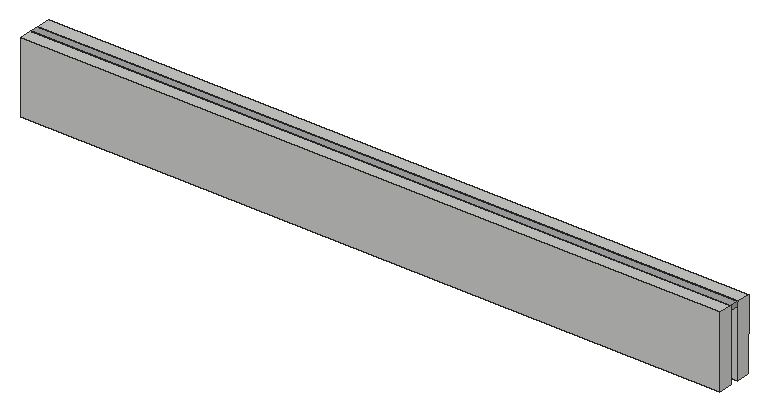
Revit family "Drain-Trench_MultiDrain_AlfaSlot", category Site, host Face, Revit 2026
Family settings
  Host = Face
  Round Connector Dimension = Use Diameter
  Part Type = Normal
  Classification Number = 23.10.10.12
  Cut with Voids When Loaded = No
  Shared = No
Parameters (values of type "6in Pipe 0.5in Covered Gap")
  uphillmitre [instance] = if(Uphill Miter Angle = 0.00°, 0' 0", Uphill Trench Depth + 0' 4")  # 0' - 0"
  slopecontrol [instance] = if(No Slope Unit, 0, Unit Slope_Percentage)  # 0
  downhillmitre [instance] = if(Downhill Miter Angle = 0.00°, 0' 0", Downhill Trench Depth + 0' 4")  # 0' - 0"
  Warranty Duration (Years) = 0
  Uphill Trench Depth = 0' - 8"
  Uphill Miter Angle [instance] = 0.00°
  Unit Slope_Percentage = 0
  Unit Length [instance] = 3' - 3 3/8"
  URL = "http://www.multidrainsystems.com/"
  Trench Width = 0' - 2"
  Test Data = ""
  Specification = "http://www.arcat.com/sdspecs/htm/02600mds.htm"
  SpecWizard = ""
  Send Message = "http://www.arcat.com/users.pl?action=UserEmail&company=MultiDrain+Systems&coid=40880&rep=141&fax=704-508-1011&mf="
  Sales Information = "http://www.multidrainsystems.com/contact-us/"
  Revision = "R1_12_2013"
  Product Properties = ""
  Product Data = "http://www.arcat.com/arcatcos/cos40/arc40880.html"
  Piping_Water Flow = 0 GPM
  Pipe OD = 0' - 6 5/8"
  Pipe ID = 0' - 6.065"
  No Slope Unit = yes
  Model = "Alfa Slot as Specified"
  Maximum Run = 0' - 0"
  Manufacturer Website = "http://www.multidrainsystems.com/"
  Manufacturer Phone - Toll Free = "800-433-1119"
  Manufacturer Phone = "704-508-1010"
  Manufacturer Fax = "704-508-1011"
  Manufacturer Address = "P. O. Box 7107   Statesville, NC 28687"
  Manufacturer = "MultiDrain Systems"
  Maintenance Schedule (Months) = 0
  Keynote = "02600"
  Installation-Fabrication = ""
  Installation Phase = ""
  Include HeelProof Cover = yes
  HeelProof Cover Finish [instance] = Metal - MultiDrain - Stainless Steel
  Green Building-LEED = ""
  Grate Opening Width = 0' - 0 1/2"
  Frame Finish [instance] = Concrete - MultiDrain - as Specified
  Expected Lifespan (Years) = 0
  Drawn By = "Sumex Design, Inc. / Robert S. Weygant, CSI, CDT, SCIP"
  Downhill Trench Depth [instance] = Uphill Trench Depth + (8' 4" * slopecontrol)  # 0' - 8"
  Downhill Miter Angle [instance] = 0.00°
  Description = "MultiDrain Trench Drainage System - Alfa Slot as Specified"
  Default Elevation = 0' - 0"
  Copyright = "©Arcat Inc."
  Construction Details = "http://www.arcat.com/details/multidra/multidra.html?coid=40880"
  Building Codes = ""
  Assembly Code = "A1030600"
  ADA Compliant = yes
Types (8): name | Uphill Trench Depth | Pipe OD | Pipe ID | Include HeelProof Cover | Grate Opening Width | Downhill Trench Depth
  6in Pipe 0.5in Covered Gap | 0' - 8" | 0' - 6 5/8" | 0' - 6.065" | yes | 0' - 0 1/2" | 0' - 8"
  4in Pipe 0.5in Covered Gap | 0' - 6" | 0' - 4 1/2" | 0' - 4.026" | yes | 0' - 0 1/2" | 0' - 6"
  6in Pipe 0.25in Covered Gap | 0' - 8" | 0' - 6 5/8" | 0' - 6.065" | yes | 0' - 0 1/4" | 0' - 8"
  4in Pipe 0.25in Covered Gap | 0' - 6" | 0' - 4 1/2" | 0' - 4.026" | yes | 0' - 0 1/4" | 0' - 6"
  6in Pipe 0.5in Gap | 0' - 8" | 0' - 6 5/8" | 0' - 6.065" | no | 0' - 0 1/2" | 0' - 8"
  4in Pipe 0.5in Gap | 0' - 6" | 0' - 4 1/2" | 0' - 4.026" | no | 0' - 0 1/2" | 0' - 6"
  6in Pipe 0.25in Gap | 0' - 8" | 0' - 6 5/8" | 0' - 6.065" | no | 0' - 0 1/4" | 0' - 8"
  4in Pipe 0.25in Gap | 0' - 6" | 0' - 4 1/2" | 0' - 4.026" | no | 0' - 0 1/4" | 0' - 6"
Reference planes (in)
  plane 1 "Center (Front/Back)": y = 0
  plane 2: z = 0
  plane 3 "Uphill": x = 0
  plane 4: y = -0.25
  plane 5: y = 0.25
  plane 6 "Downhill": x = 39.375
  plane 7: z = -8
  plane 8: z = -8
  plane 9: y = 1
  plane 10: y = -1
  plane 11: z = 0
  plane 12: z = 0
  plane 13: y = 3.3125
  plane 14: y = -3.3125
Forms (in)
  Extrusion 1, void
    sketch origin (0, 0, 0) x (1, 0, 0) y (0, 1, 0)
      loop
        line (0, 3.8125) -> (-3, 3.8125) -> (-3, -3.8125) -> (0, -3.8125) -> (0, 3.8125)
    from 1 to 0
  Extrusion 2, void
    sketch origin (0, 0, 0) x (1, 0, 0) y (0, 1, 0)
      loop
        line (39.375, 3.8125) -> (39.375, -3.8125) -> (42.375, -3.8125) -> (42.375, 3.8125) -> (39.375, 3.8125)
    from 1 to 0
  Blend 3, solid, not visible
    base sketch origin (0, 0, 0) x (0, 1, 0) y (0, 0, 1)
      loop
        circle (0, -4.6875) r 3.3125
    top sketch origin (0, 0, 0) x (0, 1, 0) y (0, 0, 1)
      loop
        circle (0, -4.6875) r 3.3125
    from 0 to 39.375
  Extrusion 4, void
    sketch origin (0, 0, 0) x (1, 0, 0) y (0, 1, 0)
      loop
        line (0, 1) -> (0, -1) -> (39.375, -1) -> (39.375, 1) -> (0, 1)
    from 0 to -1.625
  Extrusion 5, solid, material "Concrete - MultiDrain - as Specified" <- "Frame Finish"
    sketch origin (0, 0, 0) x (0, 1, 0) y (0, 0, 1)
      loop
        line (-1, 0) -> (-1, -4) -> (-0.25, -4) -> (-0.25, 0) -> (-1, 0)
      loop
        line (0.25, 0) -> (0.25, -4) -> (1, -4) -> (1, 0) -> (0.25, 0)
    from 0 to 39.375
  Extrusion 6, solid, material "Metal - MultiDrain - Stainless Steel" <- "HeelProof Cover Finish", visible <- "Include HeelProof Cover"
    sketch origin (0, 0, 0) x (0, 1, 0) y (0, 0, 1)
      loop
        line (-0.25, 0) -> (-0.25, -0.25) -> (0.25, -0.25) -> (0.25, 0) -> (-0.25, 0)
    from 0 to 39.375
Cuts and joins
  Extrusion 1, Extrusion 2 cuts Blend 3
  Extrusion 1, Extrusion 2 cuts Extrusion 5
  Extrusion 1, Extrusion 2 cuts Extrusion 6
Lines and regions (in)
  reference lines
    curve 1: line (0, 3.3125, 0) -> (0, -4.4375, 0)
    curve 2: line (39.375, 3.3125, 0) -> (39.375, -5.9375, 0)
  model lines, style "InvisibleLines"
    curve 3: line (0, 0, 0) -> (0, 0, 12)
Dimensions and locks (in)
  "Unit Length": plane 3 "Uphill" to plane 6 "Downhill"
  equal spacing: plane 5, plane 1 "Center (Front/Back)", plane 4
  "Grate Opening Width": plane 5 to plane 4
  "Uphill Trench Depth": level to plane 7
  "Downhill Trench Depth": level to plane 8
  equal spacing: plane 9, plane 1 "Center (Front/Back)", plane 10
  "Trench Width": plane 9 to plane 10
  locked: Extrusion 1 sketch curve to plane 3 "Uphill" at 3
  "uphillmitre": plane 2 to plane 11
  locked: plane 6 "Downhill" to Extrusion 2 sketch curve at 3
  "downhillmitre": level to plane 12
  "Pipe OD": Blend 3 sketch curve to Blend 3 sketch curve  (x2)
  locked: Blend 3 sketch curve to plane 8
  locked: plane 1 "Center (Front/Back)" to Blend 3 sketch curve
  locked: Blend 3 sketch curve to plane 1 "Center (Front/Back)" at 0
  locked: plane 8 to Blend 3 sketch curve at 0
  locked: Extrusion 5 sketch curve to plane 8 at 4  (x2)
  equal spacing: plane 13, plane 1 "Center (Front/Back)", plane 14
  "Pipe OD": plane 13 to plane 14
  locked: Extrusion 1 sketch curve to plane 13 at 0.5
  locked: plane 14 to Extrusion 1 sketch curve at 0.5
  locked: Extrusion 2 sketch curve to plane 13 at 0.5
  locked: plane 14 to Extrusion 2 sketch curve at 0.5
  locked: level to Extrusion 6 sketch curve at 0.25
  "Uphill Miter Angle": angle plane 3 "Uphill" to curve 1
  "Downhill Miter Angle": angle curve 2 to plane 6 "Downhill"
  aligned and locked: host face to plane 2
  aligned and locked: level to host face
  aligned and locked: plane 6 "Downhill" to curve 2
  aligned and locked: plane 3 "Uphill" to curve 1
  aligned and locked: Extrusion 1 sketch curve to curve 1
  aligned: Extrusion 1 to level
  aligned and locked: Extrusion 1 to plane 11
  aligned and locked: Extrusion 2 sketch curve to curve 2
  aligned and locked: Extrusion 2 to plane 12
  aligned and locked: plane 6 "Downhill" to Blend 3
  aligned and locked: Blend 3 to plane 3 "Uphill"
  aligned and locked: plane 9 to Extrusion 4 sketch curve
  aligned and locked: Extrusion 4 sketch curve to plane 10
  aligned and locked: level to Extrusion 5 sketch curve
  aligned and locked: Extrusion 5 sketch curve to level
  aligned and locked: plane 9 to Extrusion 5 sketch curve
  aligned and locked: Extrusion 5 sketch curve to plane 5
  aligned and locked: Extrusion 5 sketch curve to plane 4
  aligned and locked: plane 10 to Extrusion 5 sketch curve
  aligned and locked: plane 13 to curve 1
  aligned and locked: Extrusion 5 to plane 3 "Uphill"
  aligned and locked: plane 13 to curve 2
  aligned and locked: plane 6 "Downhill" to Extrusion 5
  aligned and locked: level to Extrusion 6 sketch curve
  aligned and locked: Extrusion 6 sketch curve to plane 4
  aligned and locked: plane 5 to Extrusion 6 sketch curve
  aligned and locked: plane 6 "Downhill" to Extrusion 6
  aligned and locked: Extrusion 6 to plane 3 "Uphill"
Automatic sketch dimensions
  host sketch curve to host sketch curve = 14' - 11.49507"
  host sketch curve to host sketch curve = 8' - 0"
  curve 3 to plane 1 "Center (Front/Back)" = 0' - 0"
  curve 3 to level = 0' - 0"
  curve 3 to curve 3 = 1' - 0"
  Extrusion 4 sketch curve to plane 3 "Uphill" = 0' - 0"
  Extrusion 4 sketch curve to plane 6 "Downhill" = 0' - 0"
